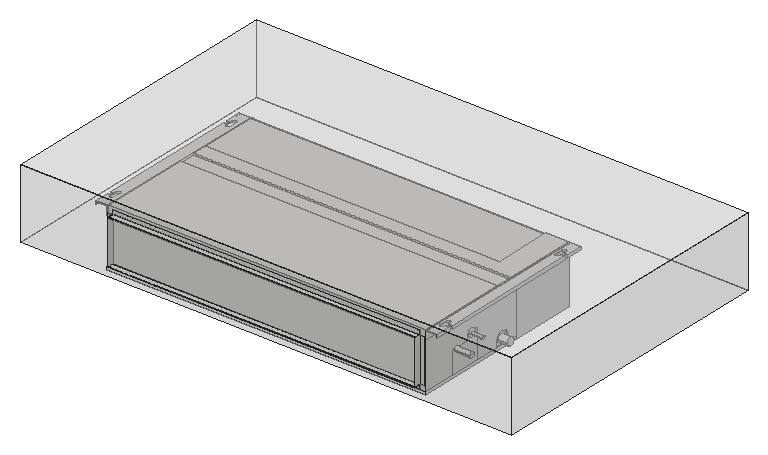
Revit family "outputfile", category 機械設備, Revit 2024
Family settings
  丸型コネクタ寸法 = 半径を使用
  パーツ タイプ = 標準
  OmniClass 番号 = 23.75.10.24.21.27.27
  OmniClass タイトル = Split System Air Conditioning Units
  作業面ベース = いいえ
  常に垂直 = はい
  ロード時にボイドで切り取り = いいえ
  注釈の向きを維持 = いいえ
  共有 = いいえ
  部屋計算ポイント = はい
Parameters (values of type "FXDQ63NDVT4")
  Description = ""
  製造元 = "Daikin"
  書き出し IFC クラス(タイプ) = "IfcUnitaryEquipmentType"
  定義済み IFC タイプ(タイプ) = "AIRCONDITIONINGUNIT"
  Cost = 0
  モデル = "FXDQ63NDVT4"
  Type Comments = ""
  Keynote = ""
  Type Image = (empty or 0)
  Assembly Code = ""
  w_pipe = 33.0 mm
  r_Liquid Pipe Size = Liquid Pipe Size / 2  # 4.75 mm
  r_Gas Pipe Size = Gas Pipe Size / 2  # 7.95 mm
  r_Drain Pipe Size = Drain Pipe Size / 2  # 10.0 mm
  lw_powersupply = 504.0 mm
  lw_ductflange2 = 1020.0 mm
  lw_Width = 1060.0 mm
  lh_suctionflange [instance] = if(Rear Connection_Return Air, 100.0 mm + [h***], 190.0 mm + [h***])  # 100.0 mm
  ld_suctionflange [instance] = if(Rear Connection_Return Air, 190.0 mm, 100.0 mm)  # 190.0 mm
  ld_powersupply = 60.0 mm
  angle_vertical_RA [instance] = if(Rear Connection_Return Air, 90.00°, 0.00°)  # 90.00°
  angle horizontal_RA [instance] = if(Rear Connection_Return Air, 180.00°, 270.00°)  # 180.00°
  Voltage_comment_60Hz = "220"
  Voltage_comment_50Hz = "220-240"
  Voltage_60Hz = 220 V
  Voltage_50Hz = 220 V
  URL = ""
  Supply Air Direction [instance] = yes
  Sound Power Level_H speed (dB) = 59
  Rear Connection_Return Air [instance] = not(Bottom Connection_Return Air)  # yes
  RA_length = 190.0 mm  # constant formula
  Phase_60Hz = 1
  Phase_50Hz = 1
  Minimum External Static Pressure = 15.00 Pa
  Minimum Circuit Amps_60Hz = 1.4 A
  Minimum Circuit Amps_50Hz = 1.1 A
  Maximum Fuse Amps_60Hz = 16.0 A
  Maximum Fuse Amps_50Hz = 16.0 A
  Maximum External Static Pressure = 44.00 Pa
  Material_Casing = DAIKIN_GalvanizedSteel_Casing_indoorunit
  lw_liquidpipe = 46.0 mm  # constant formula
  lw_gaspipe = 57.0 mm  # constant formula
  lw_mountinghole_pitch = 1140.0 mm
  lw_mountinghole = 20.0 mm  # constant formula
  lw_drainpipe = 33.0 mm  # constant formula
  lh_powersupply = 10.0 mm
  lh_liquidpipe = 110.0 mm
  lh_gaspipe = 87.0 mm
  lh_mountinghole = Height + [h***]  # 200.0 mm
  lh_drainpipe = 150.0 mm
  lh_antena = 1.0 mm  # constant formula
  ld_liquidpipe = 193.0 mm  # constant formula
  ld_gaspipe = 130.0 mm  # constant formula
  ld_mountinghole_pitch = 0.0 mm  # constant formula
  ld_drainpipe = 280.0 mm
  ld_controlbox = 626.0 mm  # constant formula
  h*** = 0.0 mm  # constant formula
  d_dischargeflange = 21.2 mm  # constant formula
  Width = 1100.0 mm
  Version = "ver.1.0"
  Unit Type = "Slim Duct (Standard) Type"
  Unit Mass Weight = 31.00 kg
  Unit Designation [instance] = ""
  Uniclass2015Version = "Products v1.30"
  Uniclass2015Title = "Variable refrigerant flow units"
  Uniclass2015Code = "Pr_70_65_03_94"
  Total Heating Capacity [instance] = 0.000 kW
  Total Cooling Capacity [instance] = 0.000 kW
  Sound Pressure Level_M speed (dBA) = 0
  Sound Pressure Level_L speed (dBA) = 29
  Sound Pressure Level_H speed (dBA) = 33
  Series = "VRV Fan Coil Unit"
  Sensible Cooling Capacity [instance] = 0.000 kW
  SA Duct Size Width = 1060.0 mm
  SA Duct Size Height = 153.0 mm
  Refrigerant Type = "R410A"
  RA Duct Size Width = 1000.0 mm
  RA Duct Size Height = 180.0 mm
  Power Input (Heating) = 0.168 kW
  Power Input (Cooling) = 0.168 kW
  Option Accessory 3 [instance] = ""
  Option Accessory 2 [instance] = ""
  Option Accessory 1 [instance] = ""
  Nominal Heating Capacity = 8.000 kW
  Nominal Cooling Capacity = 7.100 kW
  Minimum Airflow = 780.00 m³/h
  Median Airflow = 870.00 m³/h
  Maximum Airflow = 990.00 m³/h
  Load Classification = HVAC
  Liquid Pipe Size = 9.5 mm
  Link_Nested Family [instance] = ""
  IfcVersion = "0"
  IfcExportType = "AIRCONDITIONINGUNIT"
  IfcExportAs = "IfcUnitaryEquipmentType"
  Height = 200.0 mm
  Heating Entering Wet Bulb Temperature [instance] = 0.00 °C
  Heating Entering Dry Bulb Temperature [instance] = 0.00 °C
  Heating Ambient Wet Bulb Temperature [instance] = 0.00 °C
  Heating Ambient Dry Bulb Temperature [instance] = 0.00 °C
  Heat Exchanger Type = "Cross Fin Coil"
  Gas Pipe Size = 15.9 mm
  Frequency_60Hz = 60 Hz
  Frequency_50Hz = 50 Hz
  Fan Type = "Sirocco Fan"
  Fan Drive = "Direct Drive"
  FCU Tag No. [instance] = ""
  Drain Pipe Size = 20.0 mm
  Design Supply Airflow [instance] = 0.00 m³/h
  Design Return Airflow [instance] = 0.00 m³/h
  Design External Static Pressure [instance] = 0.00 Pa
  Depth = 620.0 mm
  既定の高さ = 0.0 mm
  Cooling Entering Wet Bulb Temperature [instance] = 0.00 °C
  Cooling Entering Dry Bulb Temperature [instance] = 0.00 °C
  Cooling Ambient Wet Bulb Temperature [instance] = 0.00 °C
  Cooling Ambient Dry Bulb Temperature [instance] = 0.00 °C
  Clearance visibility [instance] = yes
  Clearance Top = 20.0 mm
  Clearance Right = 300.0 mm
  Clearance Rear = 400.0 mm
  Clearance Left = 300.0 mm
  Clearance Front = 0.0 mm
  Clearance Bottom = 20.0 mm
  Bottom Connection_Return Air [instance] = no
Reference planes
  plane 1 "Center (Front/Back)": y = 0
  plane 2: z = 0
  plane 3 "Center (Left/Right)": x = 0
  plane 4 "Back": y = 310
  plane 5 "Front": y = -310
  plane 6 "Left": x = -550
  plane 7 "Right": x = 550
  plane 8 "Top": z = 0
  plane 9 "Bottom": z = -200
  plane 10: x = 330
  plane 11: x = -330
  plane 12: z = -190
  plane 13: z = -6
  plane 14: z = -22
  plane 15: z = -90
  plane 16: z = -113
  plane 17: x = -304
  plane 18: x = 304
  plane 19: x = -570
  plane 20: x = 570
  plane 21: y = 250
  plane 22: y = 250
  plane 23: x = -590
  plane 24: x = 390
  plane 25: x = 596
  plane 26: x = 607
  plane 27: x = 583
  plane 28: z = 0
  plane 29: z = -50
  plane 30 "Clearance Left": x = -850
  plane 31 "Clearance Right": x = 850
  plane 32 "Clearance Rear": y = 710
  plane 33 "Clearance Front": y = -310
  plane 34 "Clearance Top": z = 20
  plane 35 "Clearance Bottom": z = -220
  plane 36: z = -21
  plane 37: z = -170
  plane 38: z = -96.5
  plane 39: x = -40
  plane 40: y = -180
  plane 41: y = -117
  plane 42: y = -30
  plane 43: y = 20
  plane 44: z = -97.5
  plane 45: y = -309
  plane 46: x = -549
  plane 47: z = -100
  plane 48: z = -30
  plane 49: y = 210
  plane 50: z = 301
  plane 51: z = -199
  plane 52: y = 120
  plane 53: z = -101
  plane 54: x = 580
  plane 55: x = 545
  plane 56: x = 555
  plane 57: x = 551
  plane 58: x = 469
  plane 59: x = 549.004
  plane 60: x = -549
  plane 61: x = 504
  plane 62: z = -189
  plane 63: z = 102.5
Forms (mm)
  Extrusion 1, solid
    sketch origin (0, 0, 0) x (1, 0, 0) y (0, 0, 1)
      loop
        line (-550, -190) -> (-550, -200) -> (550, -200) -> (550, -190) -> (-550, -190)
    from -84 to 310
  Extrusion 2, solid, material "DAIKIN_GalvanizedSteel_Casing_indoorunit" <- "Material_Casing"
    sketch origin (0, 0, 0) x (1, 0, 0) y (0, 1, 0)
      loop
        line (-550, -309) -> (550, -309) -> (550, 310) -> (-550, 310) -> (-550, -309)
    from -200 to 0
  Extrusion 3, void
    sketch origin (0, 0, 1) x (1, 0, 0) y (0, 1, 0)
      loop
        line (-550, 62.179) -> (-550, 4.179) -> (550, 4.179) -> (550, 62.179) -> (-550, 62.179)
    from -1 to -7
  Extrusion 4, void
    sketch origin (0, 0, 0) x (0, 1, 0) y (0, 0, 1)
      loop
        line (-5, -190) -> (45, -190) -> (45, -170)
        arc (45, -170) -> (20, -145) -> (-5, -170) r 25
        line (-5, -170) -> (-5, -190)
    from 550 to 545
  Revolve 5, solid, material "DAIKIN_GalvanizedSteel_Casing_indoorunit" <- "Material_Casing"
    sketch origin (0, 0, -113) x (0, -1, 0) y (1, 0, 0)
      loop
        line (172.05, 551) -> (180, 551) -> (180, 607) -> (172.05, 607) -> (172.05, 551)
      axis (180, 551) -> (180, 607)
    angle from 0 to 360
  Revolve 6, solid, material "DAIKIN_GalvanizedSteel_Casing_indoorunit" <- "Material_Casing"
    sketch origin (0, 0, -90) x (0, -1, 0) y (1, 0, 0)
      loop
        line (117, 551) -> (117, 596) -> (112.25, 596) -> (112.25, 551) -> (117, 551)
      axis (117, 596) -> (117, 551)
    angle from 0 to 360
  Extrusion 7, solid, material "DAIKIN_GalvanizedSteel_Casing_indoorunit" <- "Material_Casing"
    sketch origin (0, 0, 0) x (0, 1, 0) y (0, 0, 1)
      loop
        circle (-116, -90) r 12.7
    from 550 to 555
  Extrusion 8, solid, material "DAIKIN_GalvanizedSteel_Casing_indoorunit" <- "Material_Casing"
    sketch origin (0, 0, 0) x (0, 1, 0) y (0, 0, 1)
      loop
        circle (20, -170) r 13
    from 580 to 545
  Extrusion 9, solid, material "DAIKIN_GalvanizedSteel_Casing_indoorunit" <- "Material_Casing"
    sketch origin (0, 0, 0) x (1, 0, 0) y (0, 0, 1)
      loop
        line (-550, -190) -> (-550, -200) -> (550, -200) -> (550, -190) -> (-550, -190)
    from -84 to 310
  Extrusion 10, solid, material "DAIKIN_GalvanizedSteel_Casing_indoorunit" <- "Material_Casing", visible <- "Bottom Connection_Return Air"
    sketch origin (0, 0, 0) x (1, 0, 0) y (0, 0, 1)
      loop
        line (469, -200) -> (469, -1) -> (-549, -1) -> (-549, -200) -> (469, -200)
    from -310 to -309
  Extrusion 11, void
    sketch origin (0, 0, 0) x (1, 0, 0) y (0, 0, 1)
      loop
        line (469, 0) -> (-549, 0) -> (-549, -1) -> (469, -1) -> (469, 0)
    from -310 to -111
  Extrusion 12, solid, material "DAIKIN_GalvanizedSteel_Casing_indoorunit" <- "Material_Casing", visible <- "Rear Connection_Return Air"
    sketch origin (0, 0, 0) x (1, 0, 0) y (0, 1, 0)
      loop
        line (-549, 310) -> (-549, 111) -> (469, 111) -> (469, 310) -> (-549, 310)
    from -200 to -199
  Extrusion 13, solid, material "DAIKIN_GalvanizedSteel_Casing_indoorunit" <- "Material_Casing"
    sketch origin (0, 0, 0) x (0, 1, 0) y (0, 0, 1)
      loop
        line (-194, -113) -> (-194, -190) -> (-88.3, -190) -> (-88.3, -90) -> (-103.3, -90)
        arc (-103.3, -90) -> (-116, -102.7) -> (-128.7, -90) r 12.7
        line (-128.7, -90) -> (-128.7, -113) -> (-173.65, -113)
        arc (-173.65, -113) -> (-180, -119.35) -> (-186.35, -113) r 6.35
        line (-186.35, -113) -> (-194, -113)
    from 551 to 550
  Extrusion 14, solid, material "DAIKIN_GalvanizedSteel_Casing_indoorunit" <- "Material_Casing"
    sketch origin (0, 0, 0) x (0, 1, 0) y (0, 0, 1)
      loop
        line (84, -199) -> (310, -199) -> (310, -22) -> (91, -22) -> (84, -29) -> (84, -199)
    from 551 to 550
Cuts and joins
  Extrusion 3, Extrusion 4, Extrusion 11 cuts Extrusion 2
  Extrusion 4 cuts Extrusion 1
  Extrusion 11 cuts Extrusion 9
Dimensions and locks
  "lh_powersupply": plane 12 to plane 9 "Bottom"
  locked: plane 8 "Top" to plane 13 at 6
  "Height": plane 8 "Top" to plane 9 "Bottom"
  equal spacing: plane 17, plane 3 "Center (Left/Right)", plane 18, locked at 304 each
  locked: plane 17 to plane 18 at 608
  equal spacing: plane 19, plane 3 "Center (Left/Right)", plane 20
  "lw_mountinghole_pitch": plane 19 to plane 20
  locked: plane 14 to plane 9 "Bottom" at 178
  "lw_mountinghole": plane 23 to plane 19
  "lh_liquidpipe": plane 15 to plane 9 "Bottom"
  "lh_gaspipe": plane 16 to plane 9 "Bottom"
  "lh_mountinghole": plane 28 to plane 9 "Bottom"
  "ld_mountinghole_pitch": plane 22 to plane 21
  equal spacing: plane 6 "Left", plane 3 "Center (Left/Right)", plane 7 "Right"
  "Width": plane 6 "Left" to plane 7 "Right"
  "lh_drainpipe": plane 29 to plane 9 "Bottom"
  "Clearance Right": plane 7 "Right" to plane 31 "Clearance Right"
  "Clearance Left": plane 30 "Clearance Left" to plane 6 "Left"
  "lw_gaspipe": plane 7 "Right" to plane 26
  "lw_liquidpipe": plane 7 "Right" to plane 25
  "lw_drainpipe": plane 7 "Right" to plane 27
  "Clearance Rear": plane 32 "Clearance Rear" to plane 4 "Back"
  "Clearance Front": plane 5 "Front" to plane 33 "Clearance Front"
  "Clearance Top": plane 34 "Clearance Top" to plane 8 "Top"
  "Clearance Bottom": plane 9 "Bottom" to plane 35 "Clearance Bottom"
  "ld_powersupply": plane 4 "Back" to plane 22
  locked: plane 8 "Top" to plane 36 at 21
  locked: plane 8 "Top" to plane 37 at 170
  locked: plane 40 to plane 41 at 63
  locked: plane 38 to plane 9 "Bottom" at 103.5
  locked: plane 36 to plane 44 at 76.5
  "Depth": plane 4 "Back" to plane 5 "Front"
  equal spacing: plane 4 "Back", plane 1 "Center (Front/Back)", plane 5 "Front"
  locked: plane 45 to plane 5 "Front" at 1
  locked: plane 46 to plane 6 "Left" at 1
  Extrusion 10 sketch curve to Extrusion 10 sketch curve = 199.0 mm
  locked: plane 12 to plane 47 at 90
  plane 32 "Clearance Rear" to Extrusion 10 = 401.0 mm
  locked: plane 48 to plane 35 "Clearance Bottom" at 190
  plane 50 to plane 28 = 301.0 mm
  locked: plane 51 to plane 9 "Bottom" at 1
  "ld_suctionflange": plane 4 "Back" to plane 52
  locked: plane 53 to plane 9 "Bottom" at 99
  locked: plane 7 "Right" to plane 54 at 30
  locked: plane 55 to plane 7 "Right" at 5
  locked: plane 7 "Right" to plane 56 at 5
  locked: plane 7 "Right" to plane 57 at 1
  plane 7 "Right" to plane 58 = 81.0 mm
  locked: plane 7 "Right" to plane 59 at 0.996
  locked: plane 60 to plane 6 "Left" at 1
  "lw_powersupply": plane 3 "Center (Left/Right)" to plane 61
  "r_Gas Pipe Size": nested 6 to Revolve 5 sketch curve
  "r_Liquid Pipe Size": nested 5 to Revolve 6 sketch curve
  locked: plane 62 to plane 9 "Bottom" at 11
  aligned and locked: level to plane 2
  aligned and locked: Extrusion 2 to plane 9 "Bottom"
  aligned and locked: plane 8 "Top" to Extrusion 2
  aligned and locked: Revolve 5 sketch curve to Revolve 5 sketch curve
  aligned and locked: plane 15 to Extrusion 7 sketch curve
  aligned and locked: cut or joined group of Extrusion 1, Extrusion 4 to plane 9 "Bottom"
  aligned and locked: plane 25 to nested 5
  aligned and locked: nested 5 to plane 15
  aligned and locked: nested 1 to plane 22
  aligned and locked: plane 20 to nested 2
  aligned and locked: plane 19 to nested 3
  aligned and locked: plane 22 to nested 4
  aligned and locked: nested 4 to plane 22
  aligned and locked: plane 19 to nested 4
  aligned and locked: nested 10 to plane 12
  aligned and locked: Extrusion 9 to plane 5 "Front"
  aligned and locked: Extrusion 9 to plane 9 "Bottom"
  aligned and locked: nested 6 to plane 16
  aligned and locked: plane 40 to nested 6
  aligned and locked: plane 41 to nested 5
  aligned and locked: Extrusion 8 sketch curve to plane 43
  aligned and locked: plane 4 "Back" to Extrusion 11
  aligned and locked: plane 8 "Top" to Extrusion 3
  aligned and locked: Extrusion 10 to cut or joined group of Extrusion 2, Extrusion 3, Extrusion 4, Extrusion 11
  aligned and locked: plane 9 "Bottom" to Extrusion 12  (x2)
  aligned and locked: Extrusion 12 to plane 51
  aligned and locked: Extrusion 11 to level
  aligned and locked: plane 32 "Clearance Rear" to nested 13
  aligned and locked: plane 31 "Clearance Right" to nested 13
  aligned and locked: plane 30 "Clearance Left" to nested 13
  aligned and locked: nested 13 to plane 33 "Clearance Front"
  aligned and locked: nested 13 to plane 34 "Clearance Top"
  aligned and locked: nested 13 to plane 35 "Clearance Bottom"
  aligned and locked: plane 7 "Right" to Extrusion 13  (x2)
  aligned and locked: plane 4 "Back" to Extrusion 14
  aligned and locked: Extrusion 14 to plane 51
  aligned and locked: plane 7 "Right" to Extrusion 14  (x2)
  aligned and locked: Extrusion 13 to Revolve 5 sketch curve
  aligned and locked: Extrusion 3 to plane 13
  aligned and locked: plane 52 to nested 14
  aligned and locked: Extrusion 7 to plane 7 "Right"
  aligned and locked: plane 7 "Right" to cut or joined group of Extrusion 2, Extrusion 3, Extrusion 4, Extrusion 11  (x3)
  aligned and locked: cut or joined group of Extrusion 2, Extrusion 3, Extrusion 4, Extrusion 11 to plane 55
  aligned and locked: Extrusion 8 to plane 55
  aligned and locked: plane 54 to Extrusion 8
  aligned and locked: plane 56 to Extrusion 7
  aligned and locked: plane 57 to Extrusion 14
  aligned and locked: Extrusion 13 to plane 57
  aligned and locked: plane 26 to nested 6
  aligned and locked: plane 58 to Extrusion 11 sketch curve
  aligned and locked: Extrusion 10 sketch curve to plane 58
  aligned and locked: plane 3 "Center (Left/Right)" to nested 15
  aligned and locked: Extrusion 12 to plane 58
  aligned and locked: plane 6 "Left" to nested 11
  aligned and locked: plane 8 "Top" to nested 15
  aligned and locked: plane 4 "Back" to nested 15
  aligned and locked: cut or joined group of Extrusion 2, Extrusion 3, Extrusion 4, Extrusion 11 to plane 45
  aligned and locked: nested 10 to plane 61
  aligned and locked: plane 20 to nested 1
  aligned and locked: plane 43 to nested 7
  aligned and locked: nested 7 to plane 37
  aligned and locked: plane 54 to nested 7
  aligned and locked: nested 9 to plane 1 "Center (Front/Back)"
  aligned and locked: plane 3 "Center (Left/Right)" to nested 9
  aligned and locked: nested 16 to plane 62
  aligned and locked: plane 13 to nested 16
  aligned and locked: nested 11 to plane 51
  aligned and locked: nested 12 to plane 51
  aligned and locked: plane 44 to nested 8
  aligned and locked: plane 45 to nested 16
  aligned and locked: level to plane 8 "Top"
Automatic sketch dimensions
  Extrusion 1 sketch curve to plane 6 "Left" = 0.0 mm
  Extrusion 1 sketch curve to plane 7 "Right" = 0.0 mm
  Extrusion 1 sketch curve to plane 9 "Bottom" = 0.0 mm
  Extrusion 1 sketch curve to plane 12 = 0.0 mm
  Extrusion 2 sketch curve to plane 4 "Back" = 0.0 mm
  Extrusion 2 sketch curve to plane 6 "Left" = 0.0 mm
  Extrusion 2 sketch curve to plane 7 "Right" = 0.0 mm
  Extrusion 2 sketch curve to plane 45 = 0.0 mm
  Extrusion 3 sketch curve to plane 6 "Left" = 0.0 mm
  Extrusion 3 sketch curve to plane 7 "Right" = 0.0 mm
  Extrusion 3 sketch curve to plane 1 "Center (Front/Back)" = 4.179 mm
  plane 43 to Extrusion 3 sketch curve = 42.179 mm
  Extrusion 4 sketch curve to plane 37 = 0.0 mm
  Extrusion 4 sketch curve to plane 12 = 0.0 mm
  Extrusion 4 sketch curve to plane 43 = 0.0 mm
  plane 1 "Center (Front/Back)" to Extrusion 4 sketch curve = 5.0 mm
  plane 41 to Extrusion 7 sketch curve = 1.0 mm
  Extrusion 8 sketch curve to plane 37 = 0.0 mm
  Extrusion 9 sketch curve to plane 6 "Left" = 0.0 mm
  Extrusion 9 sketch curve to plane 7 "Right" = 0.0 mm
  Extrusion 9 sketch curve to plane 9 "Bottom" = 0.0 mm
  Extrusion 9 sketch curve to plane 12 = 0.0 mm
  plane 46 to Extrusion 10 sketch curve = 0.0 mm
  plane 46 to Extrusion 11 sketch curve = 0.0 mm
  Extrusion 11 sketch curve to plane 8 "Top" = 1.0 mm
  Extrusion 12 sketch curve to plane 46 = 0.0 mm
  Extrusion 12 sketch curve to plane 4 "Back" = 0.0 mm
  plane 18 to Extrusion 12 sketch curve = 165.0 mm
  plane 43 to Extrusion 12 sketch curve = 91.0 mm
  plane 35 "Clearance Bottom" to Extrusion 11 sketch curve = 220.0 mm
  Extrusion 10 sketch curve to plane 51 = 1.0 mm
  Extrusion 13 sketch curve to plane 12 = 0.0 mm
  Extrusion 13 sketch curve to plane 16 = 0.0 mm
  Extrusion 13 sketch curve to plane 40 = 0.0 mm
  Extrusion 13 sketch curve to plane 15 = 0.0 mm
  Extrusion 13 sketch curve to Extrusion 13 sketch curve = 6.35 mm
  Extrusion 13 sketch curve to Extrusion 13 sketch curve = 7.65 mm
  Extrusion 13 sketch curve to plane 41 = 11.7 mm
  plane 41 to Extrusion 13 sketch curve = 1.0 mm
  Extrusion 13 sketch curve to Extrusion 13 sketch curve = 27.7 mm
  Extrusion 14 sketch curve to plane 51 = 0.0 mm
  Extrusion 14 sketch curve to plane 14 = 0.0 mm
  plane 48 to Extrusion 14 sketch curve = 1.0 mm
  plane 43 to Extrusion 14 sketch curve = 64.0 mm
  Extrusion 14 sketch curve to Extrusion 14 sketch curve = 7.0 mm
  Extrusion 14 sketch curve to plane 4 "Back" = 0.0 mm
  Revolve 5 sketch curve to plane 26 = 0.0 mm
  Revolve 5 sketch curve to plane 40 = 0.0 mm
  Revolve 5 sketch curve to Revolve 5 sketch curve = 1.003 mm
  plane 26 to Revolve 5 sketch curve = 1.003 mm
  Revolve 6 sketch curve to plane 41 = 0.0 mm  (x2)
  Revolve 6 sketch curve to plane 25 = 0.0 mm  (x2)
  Revolve 6 sketch curve to plane 57 = 0.0 mm  (x2)
  radius of Extrusion 7 sketch curve = 12.7 mm
  radius of Extrusion 8 sketch curve = 13.0 mm
Nested families
  nested 1: "daikin_mountinghole" at (570, 250, -200), l_antenna <- "lh_antena", Link_Nested Family <- "Link_Nested Family", h_mountinghole <- "lh_mountinghole", type "daikin_mountinghole"
    with show yes, l_antenna 1.0 mm, h_mountinghole 200.0 mm, Link_Nested Family ""
  nested 2: "daikin_mountinghole" at (570, -250, -200), Link_Nested Family <- "Link_Nested Family", l_antenna <- "lh_antena", h_mountinghole <- "lh_mountinghole", type "daikin_mountinghole"
    with show yes, l_antenna 1.0 mm, h_mountinghole 200.0 mm, Link_Nested Family ""
  nested 3: "daikin_mountinghole" at (-570, -250, -200), l_antenna <- "lh_antena", Link_Nested Family <- "Link_Nested Family", h_mountinghole <- "lh_mountinghole", type "daikin_mountinghole"
    with show yes, l_antenna 1.0 mm, h_mountinghole 200.0 mm, Link_Nested Family ""
  nested 4: "daikin_mountinghole" at (-570, 250, -200), l_antenna <- "lh_antena", Link_Nested Family <- "Link_Nested Family", h_mountinghole <- "lh_mountinghole", type "daikin_mountinghole"
    with show yes, l_antenna 1.0 mm, h_mountinghole 200.0 mm, Link_Nested Family ""
  nested 5: "daikin_connector_rotate2" at (550, -117, -90) x (0, 1, 0) z (0, 0, 1), length <- "lw_liquidpipe", built-in parameter 1001364 <- "lh_liquidpipe", radius <- "r_Liquid Pipe Size", type "daikin_connector_rotate2"
    with radius 4.75 mm, length 46.0 mm, angle_vertical 90.00°, show_face no
  nested 6: "daikin_connector_rotate2" at (550, -180, -113) x (0, 1, 0) z (0, 0, 1), length <- "lw_gaspipe", built-in parameter 1001364 <- "lh_gaspipe", radius <- "r_Gas Pipe Size", type "daikin_connector_rotate2"
    with radius 7.95 mm, length 57.0 mm, angle_vertical 90.00°, show_face no
  nested 7: "daikin_connector_rotate2" at (547, 20, -170) x (0, 1, 0) z (0, 0, 1), built-in parameter 1001364 <- "lh_drainpipe", length <- "lw_drainpipe", radius <- "r_Drain Pipe Size", type "daikin_connector_rotate2"
    with radius 10.0 mm, length 33.0 mm, angle_vertical 90.00°, show_face no
  nested 8: "daikin_connector_rotate2" at (0, -309, -97.5), length <- "d_dischargeflange", type "daikin_connector_rotate2"
    with radius 10.0 mm, length 21.2 mm, angle_vertical 90.00°, show_face no
  nested 9: "daikin_△_symbolicline" at (-75, -129.904, 200) x (-0.5, 0.866, 0) z (0, 0, 1), built-in parameter 1001364 <- "Height", visible <- "Supply Air Direction", type "daikin_△_symbolicline"
    with length 300.0 mm
  nested 10: "daikin_connector_rotate2" at (504, 250, -190) x (-1, 0, 0) z (0, 0, 1), built-in parameter 1001364 <- "lw_powersupply", length <- "ld_powersupply", type "daikin_connector_rotate2"
    with radius 10.0 mm, length 60.0 mm, angle_vertical 90.00°, show_face no
  nested 11: "daikin_ductflange_FXDQ-NDVT4_2" at (-40, 310, -100), visible <- "Rear Connection_Return Air", material <- "Material_Casing", width <- "lw_ductflange2", type "daikin_ductflange_FXDQ-NDVT4_2"
    with width 1020.0 mm, material DAIKIN_GalvanizedSteel_Casing_indoorunit, height 180.0 mm, depth 21.2 mm
  nested 12: "daikin_ductflange_FXDQ-NDVT4_2" at (-40, 210, -200) x (1, 0, 0) z (0, 1, 0), visible <- "Bottom Connection_Return Air", material <- "Material_Casing", width <- "lw_ductflange2", type "daikin_ductflange_FXDQ-NDVT4_2"
    with width 1020.0 mm, material DAIKIN_GalvanizedSteel_Casing_indoorunit, height 180.0 mm, depth 21.2 mm
  nested 13: "daikin_clearancespace" at (0, 200, -99.881), visible <- "Clearance visibility", show <- "Clearance visibility", Link_Nested Family <- "Link_Nested Family", type "daikin_clearancespace"
    with width 1700.0 mm, show yes, height 240.0 mm, depth 1020.0 mm, Link_Nested Family ""
  nested 14: "daikin_connector_rotate3" at (-40, 120, -100), built-in parameter 1001364 <- "lh_suctionflange", angle_vertical <- "angle_vertical_RA", angle_horizontal <- "angle horizontal_RA", length <- "RA_length", type "daikin_connector_rotate3"
    with show no, radius 10.0 mm, length 190.0 mm, angle_vertical 90.00°, angle_horizontal 180.00°
  nested 15: "daikin_hangerfixture_FXDQ-NDVT4" at (0, 0.5, 0), type "daikin_hangerfixture_FXDQ-NDVT4"
    with width 1100.0 mm
  nested 16: "daikin_ductflange_FXDQ-NDVT4_1" at (0, 4.5, -364.201), width <- "lw_Width", material <- "Material_Casing", type "daikin_ductflange_FXDQ-NDVT4_1"
    with width 1060.0 mm, material DAIKIN_GalvanizedSteel_Casing_indoorunit, height 155.0 mm, depth 21.2 mm
Connectors
  piping at (607, -180, -113), diameter 15.9, driven by "r_Gas Pipe Size"
    settings: on nested 6, index 1, connector inside diameter 609.6 mm, connector length 0.0 mm, flow factor 0, pipe flow 0.00 m³/h, pressure drop 0.0 Pa, fitting loss kfactor 0, connector angle 0.00°, fixture units 0, engagement length 0.0 mm, angle of deflection 0.00°, flow configuration 1, flow direction 2, fitting loss method 0, system type 29, joint type 0, gender type 0, connector reference index -1, connector utility 0, adjustable connector no, is connector primary yes, connector description "Refrigerant Gas Piping"
  piping at (596, -117, -90), diameter 9.5, driven by "r_Liquid Pipe Size"
    settings: on nested 5, index 2, connector inside diameter 609.6 mm, connector length 0.0 mm, flow factor 0, pipe flow 0.00 m³/h, pressure drop 0.0 Pa, fitting loss kfactor 0, connector angle 0.00°, fixture units 0, engagement length 0.0 mm, angle of deflection 0.00°, flow configuration 1, flow direction 1, fitting loss method 0, system type 29, joint type 0, gender type 0, connector reference index -1, connector utility 0, adjustable connector no, is connector primary no, connector description "Refrigerant Liquid Piping"
  piping at (580, 20, -170), diameter 20, driven by "r_Drain Pipe Size"
    settings: on nested 7, index 3, connector inside diameter 609.6 mm, connector length 0.0 mm, flow factor 0, pipe flow 0.00 m³/h, pressure drop 0.0 Pa, fitting loss kfactor 0, connector angle 0.00°, fixture units 0, engagement length 0.0 mm, angle of deflection 0.00°, flow configuration 1, flow direction 2, fitting loss method 4, system type 16, joint type 0, gender type 0, connector reference index -1, connector utility 0, adjustable connector no, is connector primary no, connector description "Condensate Drain Piping"
  hvac at (0, -330.2, -97.5), driven by "SA Duct Size Height", driven by "SA Duct Size Width"
    settings: on nested 8, index 7, duct flow 0.00 m³/h, flow factor 0, pres drop 0.00 Pa, loss coef 0, conn angle 0.00°, conn width 1060.0 mm, conn height 153.0 mm, conn diameter 609.6 mm, duct sys type 1, conn prof type 1, flow config 0, flow direction 2, loss method 4, conn ref index -1, conn util no, is conn primary yes, conn desc "SA Duct"
  electrical at (504, 310, -190), driven by "Load Classification"
    settings: on nested 10, index 9, voltage 0 V, apparent load 0 VA, apparent load phase1 0 VA, apparent load phase2 0 VA, apparent load phase3 0 VA, power factor 1, load classification "HVAC", number of poles 1, system type 30, power factor state 1, is connector primary yes, connector utility no, sub classification motor no, connector description "Power Supply"
  hvac at (-40, 310, -100), driven by "RA Duct Size Height", driven by "RA Duct Size Width"
    settings: on nested 14, index 10, duct flow 0.00 m³/h, flow factor 0, pres drop 0.00 Pa, loss coef 0, conn angle 0.00°, conn width 1000.0 mm, conn height 180.0 mm, conn diameter 609.6 mm, duct sys type 2, conn prof type 1, flow config 0, flow direction 1, loss method 4, conn ref index -1, conn util no, is conn primary no, conn desc "RA Duct"
Definition of nested family "daikin_ductflange_FXDQ-NDVT4_2"
  Parameters (values of type "daikin_ductflange_FXDQ-PDVE2")
    width [instance] = 620.0 mm
    material [instance] = none
    height [instance] = 180.0 mm
    depth [instance] = 21.2 mm
    Default Elevation = 0.0 mm
  Reference planes
    plane 1 "Center (Front/Back)": y = 0
    plane 2: z = 0
    plane 3 "Center (Left/Right)": x = 0
    plane 4: y = -313.5
    plane 5: y = -334.7
    plane 6: x = -310
    plane 7: x = 310
    plane 8: z = 90
    plane 9: z = -90
    plane 10: z = 100
    plane 11: z = -100
    plane 12: x = -309
    plane 13: x = 309
  Forms (mm)
    Extrusion 1, solid, material <- "material"
      sketch origin (0, 0, 0) x (1, 0, 0) y (0, 0, 1)
        loop
          line (-300, 90) -> (-300, -90) -> (300, -90) -> (300, 90) -> (-300, 90)
        loop
          line (-309, -99) -> (309, -99) -> (309, 99) -> (-309, 99) -> (-309, -99)
      from 0 to 1
  Dimensions and locks
    plane 4 to plane 1 "Center (Front/Back)" = 313.5 mm
    "depth": plane 5 to plane 4
    equal spacing: plane 7, plane 3 "Center (Left/Right)", plane 6, locked at 310 each
    "width": plane 7 to plane 6
    equal spacing: plane 8, level, plane 9, locked at 90 each
    "height": plane 8 to plane 9
    equal spacing: plane 10, level, plane 11, locked at 100 each
    locked: plane 10 to plane 11 at 200
    plane 12 to plane 6 = 1.0 mm
    locked: plane 7 to plane 13 at 1
    locked: Extrusion 1 sketch curve to Extrusion 1 sketch curve at 9  (x4)
    locked: plane 10 to Extrusion 1 sketch curve at 1
    locked: Extrusion 1 sketch curve to plane 11 at 1
    aligned and locked: level to plane 2
  Automatic sketch dimensions
    plane 6 to Extrusion 1 sketch curve = 1.0 mm
    Extrusion 1 sketch curve to plane 7 = 1.0 mm
Definition of nested family "daikin_clearancespace"
  Parameters (values of type "daikin_clearancespace")
    width [instance] = 1823.963 mm
    show [instance] = yes
    material = none
    height [instance] = 1359.762 mm
    depth [instance] = 880.0 mm
    Default Elevation = 0.0 mm
    Link_Nested Family [instance] = ""
  Reference planes
    plane 1 "Center (Front/Back)": y = 0
    plane 2 "Center (Elevation)": z = -0.119
    plane 3 "Center (Left/Right)": x = 0
    plane 4: y = 440
    plane 5: y = -440
    plane 6 "Right": x = 911.982
    plane 7 "Left": x = -911.982
    plane 8 "Top": z = 679.762
    plane 9 "Bottom": z = -680
  Forms (mm)
    Extrusion 1, solid, material <- "material", visible <- "show"
      sketch origin (0, 0, 0) x (1, 0, 0) y (0, 1, 0)
        loop
          line (-911.982, 440) -> (-911.982, -440) -> (911.982, -440) -> (911.982, 440) -> (-911.982, 440)
      from -680 to 679.762
  Lines and regions (mm)
    symbolic lines, visible <- "show"
      curve 1: line (911.982, 440, 0) -> (-911.982, 440, 0)
      curve 2: line (-911.982, 440, 0) -> (-911.982, -440, 0)
      curve 3: line (-911.982, -440, 0) -> (911.982, -440, 0)
      curve 4: line (911.982, -440, 0) -> (911.982, 440, 0)
      curve 5: line (911.982, 0, 679.762) -> (-911.982, 0, 679.762)
      curve 6: line (911.982, 0, -680) -> (911.982, 0, 679.762)
      curve 7: line (-911.982, 0, -680) -> (911.982, 0, -680)
      curve 8: line (-911.982, 0, 679.762) -> (-911.982, 0, -680)
      curve 9: line (0, 440, 679.762) -> (0, -440, 679.762)
      curve 10: line (0, -440, 679.762) -> (0, -440, -680)
      curve 11: line (0, 440, -680) -> (0, 440, 679.762)
      curve 12: line (0, -440, -680) -> (0, 440, -680)
  Dimensions and locks
    "width": plane 7 "Left" to plane 6 "Right"
    "depth": plane 4 to plane 5
    "height": plane 8 "Top" to plane 9 "Bottom"
    equal spacing: plane 7 "Left", plane 3 "Center (Left/Right)", plane 6 "Right"
    equal spacing: plane 4, plane 1 "Center (Front/Back)", plane 5
    equal spacing: plane 8 "Top", plane 2 "Center (Elevation)", plane 9 "Bottom"
    aligned and locked: level to plane 2 "Center (Elevation)"
    aligned and locked: Extrusion 1 sketch curve to plane 4
    aligned and locked: plane 7 "Left" to Extrusion 1 sketch curve
    aligned and locked: Extrusion 1 sketch curve to plane 5
    aligned and locked: Extrusion 1 sketch curve to plane 6 "Right"
    aligned and locked: plane 8 "Top" to Extrusion 1
    aligned and locked: curve 1 to Extrusion 1
    aligned and locked: curve 2 to Extrusion 1
    aligned and locked: curve 3 to Extrusion 1
    aligned and locked: curve 4 to Extrusion 1
    aligned and locked: curve 5 to Extrusion 1
    aligned and locked: curve 6 to Extrusion 1
    aligned and locked: curve 7 to Extrusion 1
    aligned and locked: curve 8 to Extrusion 1
    aligned and locked: curve 9 to Extrusion 1
    aligned and locked: curve 10 to Extrusion 1
    aligned and locked: curve 11 to Extrusion 1
    aligned and locked: curve 12 to Extrusion 1
    aligned and locked: Extrusion 1 to plane 9 "Bottom"
Definition of nested family "daikin_hangerfixture_FXDQ-NDVT4"
  Parameters (values of type "daikin_hangerfixture_FXDQ-PDVE")
    width = 900.0 mm
    material = none
    height = 30.0 mm
    depth = 619.0 mm
    Default Elevation = 0.0 mm
  Reference planes
    plane 1 "Center (Front/Back)": y = 0
    plane 2: z = 0
    plane 3 "Center (Left/Right)": x = 0
    plane 4: x = 450
    plane 5: y = 309.5
    plane 6: y = -309.5
    plane 7: x = -450
    plane 8: z = -30
  Forms (mm)
    Extrusion 1, solid, material <- "material"
      sketch origin (0, 0, 0) x (1, 0, 0) y (0, 0, 1)
        loop
          line (450, 0) -> (450, -30) -> (452.3, -30) -> (452.3, -2.3) -> (487.7, -2.3) -> (487.7, -10) -> (490, -10) -> (490, 0) -> (450, 0)
      from -309.5 to 309.5
    Extrusion 2, void
      sketch origin (0, 0, 0) x (0, 1, 0) y (0, 0, 1)
        loop
          line (309.5, -30) -> (309.5, -17.979) -> (87.935, -17.979) -> (75.914, -30) -> (309.5, -30)
      from 0 to 550
    Extrusion 3, void
      sketch origin (0, 0, 0) x (1, 0, 0) y (0, 1, 0)
        loop
          line (490, -244) -> (477, -244) -> (477, -237.5)
          arc (477, -237.5) -> (470, -230.5) -> (463, -237.5) r 7
          line (463, -237.5) -> (463, -263.5)
          arc (463, -263.5) -> (470, -270.5) -> (477, -263.5) r 7
          line (477, -263.5) -> (477, -257) -> (490, -257) -> (490, -244)
        loop
          line (490, 243) -> (490, 256) -> (477, 256) -> (477, 262.5)
          arc (477, 262.5) -> (470, 269.5) -> (463, 262.5) r 7
          line (463, 262.5) -> (463, 236.5)
          arc (463, 236.5) -> (470, 229.5) -> (477, 236.5) r 7
          line (477, 236.5) -> (477, 243) -> (490, 243)
      from -254.96 to 618
    Extrusion 4, solid, material <- "material"
      sketch origin (0, 0, 0) x (-1, 0, 0) y (0, 0, -1)
        loop
          line (450, 0) -> (490, 0) -> (490, 10) -> (487.7, 10) -> (487.7, 2.3) -> (452.3, 2.3) -> (452.3, 30) -> (450, 30) -> (450, 0)
      from -309.5 to 309.5
    Extrusion 5, void
      sketch origin (0, 0, 0) x (-1, 0, 0) y (0, -1, 0)
        loop
          line (490, 244) -> (490, 257) -> (477, 257) -> (477, 263.5)
          arc (477, 263.5) -> (470, 270.5) -> (463, 263.5) r 7
          line (463, 263.5) -> (463, 237.5)
          arc (463, 237.5) -> (470, 230.5) -> (477, 237.5) r 7
          line (477, 237.5) -> (477, 244) -> (490, 244)
        loop
          line (490, -243) -> (477, -243) -> (477, -236.5)
          arc (477, -236.5) -> (470, -229.5) -> (463, -236.5) r 7
          line (463, -236.5) -> (463, -262.5)
          arc (463, -262.5) -> (470, -269.5) -> (477, -262.5) r 7
          line (477, -262.5) -> (477, -256) -> (490, -256) -> (490, -243)
      from -254.96 to 618
  Cuts and joins
    Extrusion 2, Extrusion 3, Extrusion 5 cuts Extrusion 1
    Extrusion 5 cuts Extrusion 4
  Dimensions and locks
    equal spacing: plane 5, plane 1 "Center (Front/Back)", plane 6
    "depth": plane 5 to plane 6
    plane 6 to plane 1 "Center (Front/Back)" to plane 5 = 309.5 mm, 309.5 mm
    equal spacing: plane 4, plane 3 "Center (Left/Right)", plane 7
    "width": plane 4 to plane 7
    "height": level to plane 8
    locked: plane 4 to Extrusion 2 at 100
    aligned and locked: level to plane 2
    aligned and locked: plane 5 to Extrusion 1
    aligned and locked: Extrusion 1 to plane 6
    aligned and locked: Extrusion 1 to plane 4
    aligned and locked: plane 5 to cut or joined group of Extrusion 1, Extrusion 2, Extrusion 3, Extrusion 5
    aligned and locked: cut or joined group of Extrusion 1, Extrusion 2, Extrusion 3, Extrusion 5 to plane 6
    aligned and locked: level to cut or joined group of Extrusion 1, Extrusion 2, Extrusion 3, Extrusion 5
    aligned and locked: cut or joined group of Extrusion 1, Extrusion 2, Extrusion 3, Extrusion 5 to plane 8
    aligned and locked: plane 5 to cut or joined group of Extrusion 4, Extrusion 5
    aligned and locked: cut or joined group of Extrusion 4, Extrusion 5 to plane 6
  Automatic sketch dimensions
    Extrusion 1 sketch curve to plane 4 = 0.0 mm
    Extrusion 1 sketch curve to plane 8 = 0.0 mm
    Extrusion 1 sketch curve to level = 0.0 mm
    plane 4 to Extrusion 1 sketch curve = 2.3 mm
    Extrusion 1 sketch curve to level = 2.3 mm
    Extrusion 1 sketch curve to Extrusion 1 sketch curve = 35.4 mm
    Extrusion 1 sketch curve to Extrusion 1 sketch curve = 2.3 mm
    Extrusion 1 sketch curve to Extrusion 1 sketch curve = 7.7 mm
    Extrusion 2 sketch curve to plane 8 = 0.0 mm
    Extrusion 2 sketch curve to plane 5 = 0.0 mm
    plane 8 to Extrusion 2 sketch curve = 12.021 mm
    Extrusion 2 sketch curve to plane 1 "Center (Front/Back)" = 87.935 mm
    Extrusion 2 sketch curve to Extrusion 2 sketch curve = 12.021 mm
    plane 4 to Extrusion 3 sketch curve = 13.0 mm  (x2)
    Extrusion 3 sketch curve to Extrusion 3 sketch curve = 7.0 mm  (x4)
    Extrusion 3 sketch curve to Extrusion 3 sketch curve = 13.0 mm  (x4)
    plane 6 to Extrusion 3 sketch curve = 46.0 mm
    Extrusion 3 sketch curve to Extrusion 3 sketch curve = 6.5 mm  (x4)
    Extrusion 3 sketch curve to plane 5 = 73.0 mm
    Extrusion 4 sketch curve to plane 7 = 0.0 mm
    Extrusion 4 sketch curve to plane 8 = 0.0 mm
    Extrusion 4 sketch curve to level = 0.0 mm
    Extrusion 4 sketch curve to plane 7 = 2.3 mm
    Extrusion 4 sketch curve to level = 2.3 mm
    Extrusion 4 sketch curve to Extrusion 4 sketch curve = 35.4 mm
    Extrusion 4 sketch curve to Extrusion 4 sketch curve = 2.3 mm
    Extrusion 4 sketch curve to Extrusion 4 sketch curve = 7.7 mm
    Extrusion 5 sketch curve to plane 7 = 13.0 mm  (x2)
    Extrusion 5 sketch curve to Extrusion 5 sketch curve = 7.0 mm  (x4)
    Extrusion 5 sketch curve to Extrusion 5 sketch curve = 13.0 mm  (x4)
    Extrusion 5 sketch curve to plane 5 = 47.0 mm
    Extrusion 5 sketch curve to Extrusion 5 sketch curve = 6.5 mm  (x4)
    plane 6 to Extrusion 5 sketch curve = 72.0 mm
Definition of nested family "daikin_ductflange_FXDQ-NDVT4_1"
  Parameters (values of type "daikin_ductflange_FXDQ-NDVET")
    width [instance] = 860.0 mm
    material [instance] = none
    height [instance] = 155.0 mm
    depth [instance] = 21.2 mm
    Default Elevation = 0.0 mm
  Reference planes
    plane 1 "Center (Front/Back)": y = 0
    plane 2: z = 189.201
    plane 3 "Center (Left/Right)": x = 0
    plane 4: y = -313.5
    plane 5: x = -430
    plane 6: x = 430
    plane 7: y = -334.7
    plane 8: z = 344.201
    plane 9: z = 266.701
    plane 10: z = 343.201
    plane 11: z = 190.201
  Forms (mm)
    Extrusion 1, solid, material <- "material"
      sketch origin (0, 0, 189.201) x (1, 0, 0) y (0, 1, 0)
        loop
          line (-430, -334.7) -> (-430, -313.5) -> (-448, -313.5) -> (-448, -314.5) -> (-431, -314.5) -> (-431, -334.7) -> (-430, -334.7)
        loop
          line (430, -334.7) -> (431, -334.7) -> (431, -314.5) -> (448, -314.5) -> (448, -313.5) -> (430, -313.5) -> (430, -334.7)
      from 1 to 154
    Extrusion 2, solid, material <- "material"
      sketch origin (0, 0, 0) x (0, 1, 0) y (0, 0, 1)
        loop
          line (-313.5, 343.201) -> (-313.5, 358.201) -> (-314.5, 358.201) -> (-314.5, 344.201) -> (-334.7, 344.201) -> (-334.7, 343.201) -> (-313.5, 343.201)
        loop
          line (-313.5, 190.201) -> (-334.7, 190.201) -> (-334.7, 189.201) -> (-314.5, 189.201) -> (-314.5, 175.201) -> (-313.5, 175.201) -> (-313.5, 190.201)
      from -430 to 430
  Dimensions and locks
    plane 4 to plane 1 "Center (Front/Back)" = 313.5 mm
    "depth": plane 7 to plane 4
    equal spacing: plane 8, plane 9, level
    "height": plane 8 to level
    equal spacing: plane 6, plane 3 "Center (Left/Right)", plane 5
    "width": plane 6 to plane 5
    plane 5 to plane 6 = 860.0 mm
    locked: plane 8 to plane 10 at 1
    locked: plane 11 to level at 1
    locked: Extrusion 1 to Extrusion 2 sketch curve at 1
    locked: Extrusion 2 sketch curve to Extrusion 1 at 1
    locked: Extrusion 1 sketch curve to Extrusion 1 sketch curve at 1
    locked: Extrusion 1 sketch curve to plane 5 at 18
    locked: Extrusion 1 to plane 5 at 18
    locked: plane 6 to Extrusion 1 at 18
    locked: plane 5 to Extrusion 1 at 18
    locked: Extrusion 1 to plane 6 at 18
    aligned and locked: level to plane 2
    aligned and locked: Extrusion 2 to plane 5
    aligned and locked: Extrusion 2 to plane 11
    aligned and locked: Extrusion 2 to plane 10
    aligned and locked: plane 6 to Extrusion 2
    aligned and locked: plane 5 to Extrusion 2  (x2)
    aligned and locked: plane 5 to Extrusion 1  (x2)
    aligned and locked: Extrusion 1 to plane 6
    aligned and locked: plane 6 to Extrusion 1
    aligned and locked: Extrusion 1 to plane 10
  Automatic sketch dimensions
    Extrusion 1 sketch curve to plane 4 = 0.0 mm  (x2)
    Extrusion 1 sketch curve to plane 7 = 0.0 mm  (x2)
    plane 5 to Extrusion 1 sketch curve = 0.0 mm
    Extrusion 1 sketch curve to plane 5 = 1.0 mm
    plane 6 to Extrusion 1 sketch curve = 1.0 mm
    Extrusion 2 sketch curve to plane 7 = 0.0 mm  (x2)
    Extrusion 2 sketch curve to plane 4 = 0.0 mm  (x2)
    Extrusion 2 sketch curve to plane 11 = 0.0 mm
    Extrusion 2 sketch curve to plane 10 = 0.0 mm
    Extrusion 2 sketch curve to plane 4 = 1.0 mm  (x2)
    Extrusion 2 sketch curve to level = 14.0 mm
    plane 8 to Extrusion 2 sketch curve = 14.0 mm
    Extrusion 1 sketch curve to Extrusion 1 sketch curve = 17.0 mm
    Extrusion 1 sketch curve to plane 4 = 1.0 mm
    Extrusion 1 sketch curve to plane 6 = 0.0 mm
Definition of nested family "daikin_mountinghole"
  Parameters (values of type "daikin_mountinghole")
    Default Elevation = 1219.2 mm
    Type Comments = "mountinghole"
    show [instance] = yes
    material = none
    l_centerline = 100.0 mm
    l_antenna [instance] = 100.0 mm
    h_mountinghole [instance] = 0.0 mm
    d_circle = 30.0 mm
    Link_Nested Family [instance] = ""
  Reference planes
    plane 1 "Center (Front/Back)": y = 0
    plane 2: z = 0
    plane 3 "Center (Left/Right)": x = 0
    plane 4: y = 50
    plane 5: x = -50
    plane 6: x = 50
    plane 7: y = -50
    plane 8 "h_mountinghole": z = 0
    plane 9: z = 100
  Lines and regions (mm)
    model lines, detail levels fine
      curve 1: circle (0, 0, 0) r 15 normal (0, 0, 1)
      curve 2: line (-50, 0, 0) -> (50, 0, 0)
      curve 3: line (0, 50, 0) -> (0, -50, 0)
    symbolic lines, detail levels fine
      curve 4: circle (0, 0, 0) r 15 normal (0, 0, 1)
      curve 5: line (-50, 0, 0) -> (50, 0, 0)
      curve 6: line (0, 50, 0) -> (0, -50, 0)
    model lines
      curve 7: line (0, 0, 100) -> (0, 0, 0)
  Dimensions and locks
    equal spacing: plane 4, plane 1 "Center (Front/Back)", plane 7
    "l_centerline": plane 4 to plane 7
    equal spacing: plane 5, plane 3 "Center (Left/Right)", plane 6
    "l_centerline": plane 5 to plane 6
    "l_antenna": plane 9 to plane 8 "h_mountinghole"
    "h_mountinghole": plane 8 "h_mountinghole" to plane 2
    "d_circle": diameter of curve 1
    "d_circle": diameter of curve 4
    aligned and locked: level to plane 2
    aligned and locked: plane 1 "Center (Front/Back)" to curve 1
    aligned and locked: plane 3 "Center (Left/Right)" to curve 1
    aligned and locked: plane 1 "Center (Front/Back)" to curve 2
    aligned and locked: curve 3 to plane 3 "Center (Left/Right)"
    aligned and locked: plane 6 to curve 2
    aligned and locked: plane 5 to curve 2
    aligned and locked: plane 4 to curve 3
    aligned and locked: plane 7 to curve 3
    aligned and locked: plane 1 "Center (Front/Back)" to curve 4
    aligned and locked: plane 3 "Center (Left/Right)" to curve 4
    aligned and locked: plane 6 to curve 5
    aligned and locked: plane 5 to curve 5
    aligned and locked: plane 1 "Center (Front/Back)" to curve 5
    aligned and locked: plane 4 to curve 6
    aligned and locked: plane 7 to curve 6
    aligned and locked: curve 6 to plane 3 "Center (Left/Right)"
    aligned and locked: curve 7 to plane 3 "Center (Left/Right)"
    aligned and locked: plane 9 to curve 7
    aligned and locked: plane 8 "h_mountinghole" to curve 7
Definition of nested family "daikin_connector_rotate2"
  Parameters (values of type "daikin_connector_rotate2")
    show_face = yes
    radius [instance] = 10.0 mm
    length [instance] = 600.0 mm
    d_surface = 10.0 mm
    angle_vertical [instance] = 90.00°
    Default Elevation = 0.0 mm
  Reference planes
    plane 1 "Center (Front/Back)": y = 0
    plane 2: z = 0
    plane 3 "Center (Left/Right)": x = 0
  Forms (mm)
    Extrusion 1, solid, visible <- "show_face"
      sketch origin (0, -600, 0) x (1, 0, 0) y (0, 0, 1)
        loop
          circle (0, 0) r 10
      from 0 to -10
  Lines and regions (mm)
    reference lines
      curve 1: line (0, 0, 0) -> (0, -600, 0)
    symbolic lines
      curve 2: circle (0, 0, 0) r 5 normal (0, 0, 1)
    model lines, visible <- "show_face"
      curve 3: line (0, 0, 0) -> (0, -600, 0)
  Dimensions and locks
    "length": curve 1 to curve 1
    "length": curve 3 to curve 3
    "d_surface": Extrusion 1 to Extrusion 1
    "radius": radius of Extrusion 1 sketch curve
    "angle_vertical": angle curve 1 to plane 1 "Center (Front/Back)"
    "angle_vertical": angle curve 3 to plane 1 "Center (Front/Back)"
    aligned and locked: level to plane 2
    aligned and locked: plane 1 "Center (Front/Back)" to curve 1
    aligned and locked: plane 2 to curve 1
    aligned and locked: plane 1 "Center (Front/Back)" to curve 2
    aligned and locked: plane 3 "Center (Left/Right)" to curve 2
    aligned and locked: plane 1 "Center (Front/Back)" to curve 3
    aligned and locked: plane 2 to curve 3
    aligned and locked: Extrusion 1 to Extrusion 1
  Automatic sketch dimensions
    Extrusion 1 sketch curve to level = 0.0 mm
    Extrusion 1 sketch curve to plane 3 "Center (Left/Right)" = 0.0 mm
    radius of curve 2 = 5.0 mm
Definition of nested family "daikin_△_symbolicline"
  Parameters (values of type "daikin_△_symbolicline")
    length [instance] = 500.0 mm
    Default Elevation = 0.0 mm
  Reference planes
    plane 1 "Center (Front/Back)": y = 0
    plane 2: z = 0
    plane 3 "Center (Left/Right)": x = 0
  Lines and regions (mm)
    symbolic lines
      curve 1: line (0, -433.013, 0) -> (250, 0, 0)
      curve 2: line (250, 0, 0) -> (-250, 0, 0)
      curve 3: line (-250, 0, 0) -> (0, -433.013, 0)
  Dimensions and locks
    equal spacing: curve 3, plane 3 "Center (Left/Right)", curve 2
    "length": curve 3 to curve 2
    "length": curve 3 to curve 3
    "length": curve 1 to curve 1
    aligned and locked: level to plane 2
    aligned and locked: curve 2 to plane 1 "Center (Front/Back)"
    aligned and locked: plane 3 "Center (Left/Right)" to curve 3
Definition of nested family "daikin_connector_rotate3"
  Parameters (values of type "daikin_connector_rotate3")
    Default Elevation = 1219.2 mm
    show [instance] = yes
    radius [instance] = 10.0 mm
    length [instance] = 600.0 mm
    angle_horizontal [instance] = 60.00°
    angle_vertical [instance] = 90.00°
  Reference planes
    plane 1 "Center (Front/Back)": y = 0
    plane 2: z = 0
    plane 3 "Center (Left/Right)": x = 0
  Dimensions and locks
    "angle_horizontal": angle plane 3 "Center (Left/Right)" to nested 1
    aligned and locked: level to plane 2
    aligned and locked: plane 1 "Center (Front/Back)" to nested 1  (x2)
    aligned and locked: plane 3 "Center (Left/Right)" to nested 1
  Nested families
    nested 1: "daikin_connector_rotate2" at (0, 0, 0) x (0.5, 0.866, 0) z (0, 0, 1), angle_vertical <- "angle_vertical", length <- "length", radius <- "radius", type "daikin_connector_rotate2"
      with radius 10.0 mm, length 600.0 mm, angle_vertical 90.00°
  Definition of nested family "daikin_connector_rotate2"
    Parameters (values of type "daikin_connector_rotate2")
      show_face = yes
      radius [instance] = 10.0 mm
      length [instance] = 600.0 mm
      d_surface = 10.0 mm
      angle_vertical [instance] = 90.00°
      Default Elevation = 0.0 mm
    Reference planes
      plane 1 "Center (Front/Back)": y = 0
      plane 2: z = 0
      plane 3 "Center (Left/Right)": x = 0
    Forms (mm)
      Extrusion 1, solid, visible <- "show_face"
        sketch origin (0, -600, 0) x (1, 0, 0) y (0, 0, 1)
          loop
            circle (0, 0) r 10
        from 0 to -10
    Lines and regions (mm)
      reference lines
        curve 1: line (0, 0, 0) -> (0, -600, 0)
      symbolic lines
        curve 2: circle (0, 0, 0) r 5 normal (0, 0, 1)
      model lines, visible <- "show_face"
        curve 3: line (0, 0, 0) -> (0, -600, 0)
    Dimensions and locks
      "length": curve 1 to curve 1
      "length": curve 3 to curve 3
      "d_surface": Extrusion 1 to Extrusion 1
      "radius": radius of Extrusion 1 sketch curve
      "angle_vertical": angle curve 1 to plane 1 "Center (Front/Back)"
      "angle_vertical": angle curve 3 to plane 1 "Center (Front/Back)"
      aligned and locked: level to plane 2
      aligned and locked: plane 1 "Center (Front/Back)" to curve 1
      aligned and locked: plane 2 to curve 1
      aligned and locked: plane 1 "Center (Front/Back)" to curve 2
      aligned and locked: plane 3 "Center (Left/Right)" to curve 2
      aligned and locked: plane 1 "Center (Front/Back)" to curve 3
      aligned and locked: plane 2 to curve 3
      aligned and locked: Extrusion 1 to Extrusion 1
    Automatic sketch dimensions
      Extrusion 1 sketch curve to level = 0.0 mm
      Extrusion 1 sketch curve to plane 3 "Center (Left/Right)" = 0.0 mm
      radius of curve 2 = 5.0 mm
